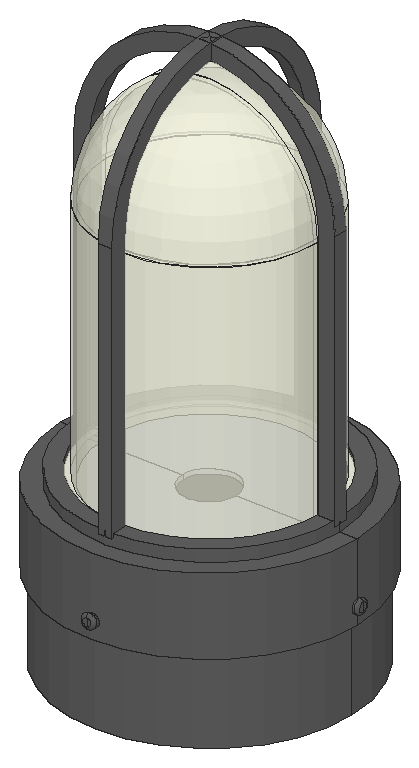
Revit family "PR11", category Generic Models, Revit 2024
Family settings
  Can host rebar = No
  Round Connector Dimension = Use Diameter
  Part Type = Normal
  Work Plane-Based = No
  Always vertical = Yes
  Cut with Voids When Loaded = No
  Maintain Annotation Orientation = No
  Shared = No
  Room Calculation Point = No
Parameters
  Default Elevation = 0' - 0"
Reference planes (in)
  plane 1 "Center (Front/Back)": y = 0
  plane 2: z = 0
  plane 3 "Center (Left/Right)": x = 0
Forms (in)
  Revolve 1, solid
    sketch origin (0, 0, 0) x (1, 0, 0) y (0, 0, 1)
      loop
        line (-3, 3.28125) -> (-3, 0) -> (-0.25, 0) -> (-0.25, 0.09375) -> (-2.90625, 0.09375) -> (-2.90625, 3.1875) -> (-0.568, 3.1875) -> (-0.568, 3.28125) -> (-3, 3.28125)
      axis (0, 3.28125) -> (0, 0)
    angle from 0 to 360
  Revolve 2, solid
    sketch origin (0, 0, 0) x (1, 0, 0) y (0, 0, 1)
      loop
        line (-3.125, 1.74999) -> (-3.03125, 1.74999) -> (-3.03125, 3.28125) -> (-2.65625, 3.28125) -> (-2.65625, 3.53125) -> (-2.41108, 3.53125) -> (-2.41108, 3.625) -> (-2.75, 3.625) -> (-2.75, 3.375) -> (-3.125, 3.375) -> (-3.125, 1.74999)
      axis (0, 3.625) -> (0, 1.74999)
    angle from 0 to 360
  Revolve 3, solid
    sketch origin (0, 0, -0.11551) x (1, 0, 0) y (0, 0, 1)
      loop
        line (-3.22718, 2.22976) -> (-2.90568, 2.22976) -> (-2.90568, 2.37976) -> (-3.16759, 2.37976)
        arc (-3.16759, 2.37976) -> (-3.20973, 2.36231) -> (-3.22718, 2.32017) r 0.0596
        line (-3.22718, 2.32017) -> (-3.22718, 2.22976)
      axis (-2.90568, 2.22976) -> (-3.22718, 2.22976)
    angle from 0 to 360
  Revolve 4, solid
    sketch origin (0, 0, -0.11551) x (0, -1, 0) y (0, 0, 1)
      loop
        line (-3.22718, 2.22976) -> (-2.90568, 2.22976) -> (-2.90568, 2.37976) -> (-3.16759, 2.37976)
        arc (-3.16759, 2.37976) -> (-3.20973, 2.36231) -> (-3.22718, 2.32017) r 0.0596
        line (-3.22718, 2.32017) -> (-3.22718, 2.22976)
      axis (-2.90568, 2.22976) -> (-3.22718, 2.22976)
    angle from 0 to 360
  Revolve 5, solid
    sketch origin (0, 0, -0.11551) x (0, 1, 0) y (0, 0, 1)
      loop
        line (-3.22718, 2.22976) -> (-2.90568, 2.22976) -> (-2.90568, 2.37976) -> (-3.16759, 2.37976)
        arc (-3.16759, 2.37976) -> (-3.20973, 2.36231) -> (-3.22718, 2.32017) r 0.0596
        line (-3.22718, 2.32017) -> (-3.22718, 2.22976)
      axis (-2.90568, 2.22976) -> (-3.22718, 2.22976)
    angle from 0 to 360
  Revolve 6, solid
    sketch origin (0, 0, -0.11551) x (-1, 0, 0) y (0, 0, 1)
      loop
        line (-3.22718, 2.22976) -> (-2.90568, 2.22976) -> (-2.90568, 2.37976) -> (-3.16759, 2.37976)
        arc (-3.16759, 2.37976) -> (-3.20973, 2.36231) -> (-3.22718, 2.32017) r 0.0596
        line (-3.22718, 2.32017) -> (-3.22718, 2.22976)
      axis (-2.90568, 2.22976) -> (-3.22718, 2.22976)
    angle from 0 to 360
  Extrusion 7, solid, material "41"
    sketch origin (0, 0, 1.49971) x (1, 0, 0) y (0, 0, 1)
      loop
        line (-2.75, 2.03154) -> (-2.412, 2.03154) -> (-2.412, 7.5084)
        arc (-2.412, 7.5084) -> (-1.76179, 9.14738) -> (-0.17007, 9.906) r 2.41201
        arc (-0.17007, 9.906) -> (1.64124, 9.26751) -> (2.412, 7.5084) r 2.41201
        line (2.412, 7.5084) -> (2.412, 2.03154) -> (2.75, 2.03154) -> (2.75, 7.491)
        arc (2.75, 7.491) -> (0, 10.25) -> (-2.75, 7.491) r 2.75001
        line (-2.75, 7.491) -> (-2.75, 2.03154)
    from -0.142 to 0.142
  Extrusion 8, solid, material "41"
    sketch origin (0, 0, 1.49971) x (0, 1, 0) y (0, 0, 1)
      loop
        line (-2.75, 2.03154) -> (-2.412, 2.03154) -> (-2.412, 7.5084)
        arc (-2.412, 7.5084) -> (-1.76179, 9.14738) -> (-0.17007, 9.906) r 2.41201
        arc (-0.17007, 9.906) -> (1.64124, 9.26751) -> (2.412, 7.5084) r 2.41201
        line (2.412, 7.5084) -> (2.412, 2.03154) -> (2.75, 2.03154) -> (2.75, 7.491)
        arc (2.75, 7.491) -> (0, 10.25) -> (-2.75, 7.491) r 2.75001
        line (-2.75, 7.491) -> (-2.75, 2.03154)
    from -0.142 to 0.142
  Revolve 9, solid, material "VAPOR GLASS"
    sketch origin (0, 0, 0) x (1, 0, 0) y (0, 0, 1)
      loop
        line (-2.287, 8.66573) -> (-2.287, 3.50704) -> (-2.61952, 3.50704) -> (-2.61952, 3.375) -> (-2.19325, 3.375) -> (-2.19325, 8.66556)
        arc (-2.19325, 8.66556) -> (-1.54803, 10.21124) -> (0, 10.8508) r 2.19326
        line (0, 10.8508) -> (0, 10.94455)
        arc (0, 10.94455) -> (-1.61426, 10.27759) -> (-2.287, 8.66573) r 2.28701
      axis (0, 10.94455) -> (0, 3.375)
    angle from 0 to 360
Dimensions and locks (in)
  aligned and locked: plane 2 to level
